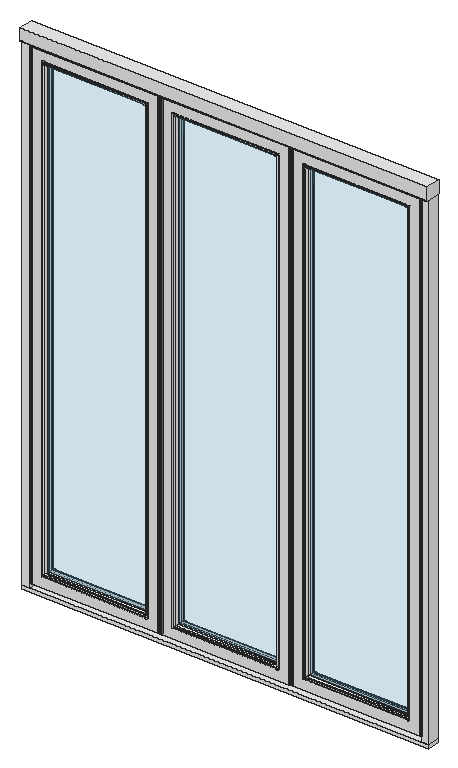
Revit family "98131", category Windows, host Wall, Revit 2018 (continued)
Definition of nested family "Left-Jamb_WA-67"
  Definition of nested family "Left-Jamb_Nana_Walls-WD-67"
    Lines and regions (in)
      model lines, in view "Ref. Level", visible <- "Half Peice"
        curve 306: line (5.19599, -0.37884, 0) -> (5.16226, -0.36955, 0)
        curve 307: line (5.19611, -0.53, 0) -> (5.20468, -0.53, 0)
        curve 308: line (5.29603, -0.52212, 0) -> (5.29603, -0.49878, 0)
        curve 309: line (5.29603, -0.49878, 0) -> (5.33085, -0.52814, 0)
        curve 310: line (5.24825, -0.52212, 0) -> (5.24825, -0.49878, 0)
        curve 311: line (5.24825, -0.49878, 0) -> (5.28308, -0.52814, 0)
        curve 312: line (5.26193, -0.3531, 0) -> (5.24501, -0.37895, 0)
        curve 313: line (5.37013, -0.3531, 0) -> (5.27186, -0.37965, 0)
        curve 314: line (5.27186, -0.37965, 0) -> (5.27186, -0.36071, 0)
        curve 315: line (5.41087, -0.55641, 0) -> (5.40754, -0.56555, 0)
        curve 316: line (5.39543, -0.53024, 0) -> (5.3438, -0.52212, 0)
        curve 317: line (5.34646, 0.86764, 0) -> (5.31496, 0.86764, 0)
        curve 318: line (5.31496, 0.86764, 0) -> (5.31496, 0.82827, 0)
        curve 319: line (5.31496, 0.82827, 0) -> (5.31496, 0.86764, 0)
        curve 320: line (5.35249, 0.88058, 0) -> (5.31969, 0.91966, 0)
        curve 321: line (5.47244, 0.69048, 0) -> (5.47244, 0.72372, 0)
        curve 322: line (5.40503, 0.82827, 0) -> (5.31496, 0.82827, 0)
        curve 323: line (5.33729, 0.67079, 0) -> (5.45276, 0.67079, 0)
        curve 324: line (5.20761, 0.87748, 0) -> (5.18488, 0.91685, 0)
        curve 325: line (5.12598, 0.86764, 0) -> (5.15748, 0.86764, 0)
        curve 326: line (5.24778, 0.86764, 0) -> (5.22466, 0.86764, 0)
        curve 327: line (5.15275, 0.91966, 0) -> (5.11995, 0.88058, 0)
        curve 328: line (5.28756, 0.91685, 0) -> (5.26483, 0.87748, 0)
        curve 329: line (5.15748, 0.82827, 0) -> (5.15748, 0.86764, 0)
        curve 330: line (5.15748, 0.86764, 0) -> (5.15748, 0.82827, 0)
        curve 331: line (5.15748, 0.82827, 0) -> (5.11811, 0.82827, 0)
        curve 332: line (5.11811, 0.82827, 0) -> (5.11811, 0.80859, 0)
        curve 333: line (5.1378, 0.7889, 0) -> (5.25764, 0.7889, 0)
        curve 334: line (1.87008, 1.24815, 0) -> (1.87008, 0.90381, 0)
        curve 335: line (1.87008, 0.90381, 0) -> (1.95868, 0.83712, 0)
        curve 336: line (1.83071, 0.56449, 0) -> (1.83071, 1.00544, 0)
        curve 337: line (1.95868, 0.83712, 0) -> (2.05512, 0.9105, 0)
        curve 338: line (2.05512, 0.9105, 0) -> (2.05512, 1.25485, 0)
        curve 339: line (2.08661, 0.56449, 0) -> (2.08661, 1.2889, 0)
        curve 340: line (2.08661, 1.2889, 0) -> (2.08661, 0.56449, 0)
        curve 341: line (1.95356, 0.81022, 0) -> (1.87008, 0.87281, 0)
        curve 342: line (1.87008, 0.87281, 0) -> (1.87008, 0.59205, 0)
        curve 343: line (1.87008, 0.59205, 0) -> (2.05512, 0.59205, 0)
        curve 344: line (2.0748, 0.55268, 0) -> (1.84252, 0.55268, 0)
        curve 345: line (2.05512, 0.59205, 0) -> (2.05512, 0.8795, 0)
        curve 346: line (2.05512, 0.8795, 0) -> (1.96376, 0.81022, 0)
        curve 347: line (1.85804, 1.2979, 0) -> (1.95866, 1.22096, 0)
        curve 348: line (1.95356, 1.19407, 0) -> (1.87657, 1.25115, 0)
        curve 349: line (2.06693, 1.30071, 0) -> (2.0748, 1.30071, 0)
        curve 350: line (1.95866, 1.22096, 0) -> (2.05928, 1.2979, 0)
        curve 351: line (2.04863, 1.25785, 0) -> (1.96376, 1.19407, 0)
        curve 352: line (1.74721, 1.22488, 0) -> (1.68453, 1.13675, 0)
        curve 353: line (1.78543, 1.0399, 0) -> (1.81102, 1.02512, 0)
        curve 354: line (1.74118, 1.14848, 0) -> (1.71645, 1.1137, 0)
        curve 355: line (1.71645, 1.1137, 0) -> (1.74118, 1.07893, 0)
        curve 356: line (1.68453, 1.09066, 0) -> (1.74721, 1.00253, 0)
        curve 357: line (1.79329, 1.14217, 0) -> (1.75395, 1.15302, 0)
        curve 358: line (1.76794, 1.00533, 0) -> (1.77976, 1.03783, 0)
        curve 359: line (1.75395, 1.07439, 0) -> (1.79329, 1.08524, 0)
        curve 360: line (1.81102, 1.20229, 0) -> (1.78543, 1.18751, 0)
        curve 361: line (1.84252, 1.30071, 0) -> (1.85039, 1.30071, 0)
        curve 362: line (1.77976, 1.18958, 0) -> (1.76794, 1.22207, 0)
        curve 364: line (2.30315, 1.24815, 0) -> (2.30315, 0.90381, 0)
        curve 365: line (2.30315, 0.90381, 0) -> (2.21455, 0.83712, 0)
        curve 366: line (2.34252, 0.56449, 0) -> (2.34252, 1.00544, 0)
        curve 367: line (2.21455, 0.83712, 0) -> (2.11811, 0.9105, 0)
        curve 368: line (2.11811, 0.9105, 0) -> (2.11811, 1.25485, 0)
        curve 369: line (2.21967, 0.81022, 0) -> (2.30315, 0.87281, 0)
        curve 370: line (2.30315, 0.87281, 0) -> (2.30315, 0.59205, 0)
        curve 371: line (2.30315, 0.59205, 0) -> (2.11811, 0.59205, 0)
        curve 372: line (2.09843, 0.55268, 0) -> (2.33071, 0.55268, 0)
        curve 373: line (2.11811, 0.59205, 0) -> (2.11811, 0.8795, 0)
        curve 374: line (2.11811, 0.8795, 0) -> (2.20947, 0.81022, 0)
        curve 375: line (2.31519, 1.2979, 0) -> (2.21457, 1.22096, 0)
        curve 376: line (2.21967, 1.19407, 0) -> (2.29666, 1.25115, 0)
        curve 377: line (2.1063, 1.30071, 0) -> (2.09843, 1.30071, 0)
        curve 378: line (2.21457, 1.22096, 0) -> (2.11395, 1.2979, 0)
        curve 379: line (2.1246, 1.25785, 0) -> (2.20947, 1.19407, 0)
        curve 380: line (2.42602, 1.22488, 0) -> (2.4887, 1.13675, 0)
        curve 381: line (2.3878, 1.0399, 0) -> (2.3622, 1.02512, 0)
        curve 382: line (2.43204, 1.14848, 0) -> (2.45678, 1.1137, 0)
        curve 383: line (2.45678, 1.1137, 0) -> (2.43204, 1.07893, 0)
        curve 384: line (2.4887, 1.09066, 0) -> (2.42602, 1.00253, 0)
        curve 385: line (2.37994, 1.14217, 0) -> (2.41928, 1.15302, 0)
        curve 386: line (2.40529, 1.00533, 0) -> (2.39346, 1.03783, 0)
        curve 387: line (2.41928, 1.07439, 0) -> (2.37994, 1.08524, 0)
        curve 388: line (2.3622, 1.20229, 0) -> (2.3878, 1.18751, 0)
        curve 389: line (2.33071, 1.30071, 0) -> (2.32283, 1.30071, 0)
        curve 390: line (2.39346, 1.18958, 0) -> (2.40529, 1.22207, 0)
        curve 391: line (2.34252, 1.2889, 0) -> (2.34252, 1.22197, 0)
        curve 392: line (2.44094, -0.59447, 0) -> (2.34252, -0.60308, 0)
        curve 393: line (1.75494, -0.79436, 0) -> (1.83071, -0.82527, 0)
        curve 394: line (1.83071, -0.82527, 0) -> (1.83071, -1.04181, 0)
        curve 395: line (1.82014, -0.72141, 0) -> (1.7947, -0.73067, 0)
        curve 396: line (1.7947, -0.73067, 0) -> (1.69257, -0.73067, 0)
        curve 397: line (1.69257, -0.73067, 0) -> (1.68019, -0.74032, 0)
        curve 398: line (1.83071, -0.58905, 0) -> (1.83071, -0.67567, 0)
        curve 399: line (1.83071, -0.67567, 0) -> (1.73498, -0.71051, 0)
        curve 400: line (1.71258, -0.77282, 0) -> (1.72549, -0.76228, 0)
        curve 401: line (1.72549, -0.76228, 0) -> (1.78053, -0.76228, 0)
        curve 402: line (1.78053, -0.76228, 0) -> (1.81986, -0.77832, 0)
        curve 403: line (1.63254, -0.7524, 0) -> (1.70735, -0.81933, 0)
        curve 404: line (1.67978, -0.7524, 0) -> (1.70235, -0.77259, 0)
        curve 405: line (1.70869, -0.68127, 0) -> (1.63295, -0.74032, 0)
        curve 406: line (1.72453, -0.70448, 0) -> (1.72129, -0.68611, 0)
        curve 407: line (1.71758, -0.81956, 0) -> (1.74699, -0.79555, 0)
        curve 408: line (1.83071, -0.77103, 0) -> (1.83071, -0.72881, 0)
        curve 409: line (2.08661, -0.58905, 0) -> (2.08661, -1.04181, 0)
        curve 410: line (2.08661, -1.04181, 0) -> (2.08661, -0.58905, 0)
        curve 411: line (2.05118, -0.58511, 0) -> (2.05118, -0.82854, 0)
        curve 412: line (2.05118, -0.82854, 0) -> (1.95866, -0.74913, 0)
        curve 413: line (1.95866, -0.74913, 0) -> (1.86614, -0.82854, 0)
        curve 414: line (1.86614, -0.82854, 0) -> (1.86614, -0.58511, 0)
        curve 415: line (2.04724, -0.54968, 0) -> (1.87008, -0.54968, 0)
        curve 416: line (1.86614, -0.58511, 0) -> (2.05118, -0.58511, 0)
        curve 417: line (1.85039, -1.06149, 0) -> (1.86734, -1.06149, 0)
        curve 418: line (1.86734, -1.06149, 0) -> (1.95866, -0.98275, 0)
        curve 419: line (1.95866, -0.98275, 0) -> (2.04999, -1.06149, 0)
        curve 420: line (2.04999, -1.06149, 0) -> (2.06693, -1.06149, 0)
        curve 421: line (1.86614, -1.02606, 0) -> (1.86614, -0.86464, 0)
        curve 422: line (1.86614, -0.86464, 0) -> (1.95866, -0.78523, 0)
        curve 423: line (1.95866, -0.78523, 0) -> (2.05118, -0.86464, 0)
        curve 424: line (2.05118, -0.86464, 0) -> (2.05118, -1.02606, 0)
        curve 425: line (2.05118, -1.02606, 0) -> (1.95866, -0.94665, 0)
        curve 426: line (1.95866, -0.94665, 0) -> (1.86614, -1.02606, 0)
        curve 427: line (2.41829, -0.79436, 0) -> (2.34252, -0.82527, 0)
        curve 428: line (2.34252, -0.82527, 0) -> (2.34252, -1.04181, 0)
        curve 429: line (2.35309, -0.72141, 0) -> (2.37853, -0.73067, 0)
        curve 430: line (2.37853, -0.73067, 0) -> (2.48066, -0.73067, 0)
        curve 431: line (2.48066, -0.73067, 0) -> (2.49304, -0.74032, 0)
        curve 432: line (2.34252, -0.58905, 0) -> (2.34252, -0.67567, 0)
        curve 433: line (2.34252, -0.67567, 0) -> (2.43825, -0.71051, 0)
        curve 434: line (2.46065, -0.77282, 0) -> (2.44774, -0.76228, 0)
        curve 435: line (2.44774, -0.76228, 0) -> (2.39269, -0.76228, 0)
        curve 436: line (2.39269, -0.76228, 0) -> (2.35337, -0.77832, 0)
        curve 437: line (2.54068, -0.7524, 0) -> (2.46588, -0.81933, 0)
        curve 438: line (2.49345, -0.7524, 0) -> (2.47088, -0.77259, 0)
        curve 439: line (2.46453, -0.68127, 0) -> (2.54027, -0.74032, 0)
        curve 440: line (2.4487, -0.70448, 0) -> (2.45194, -0.68611, 0)
        curve 441: line (2.45565, -0.81956, 0) -> (2.42624, -0.79555, 0)
        curve 442: line (2.34252, -0.77103, 0) -> (2.34252, -0.72881, 0)
        curve 443: line (2.12205, -0.58511, 0) -> (2.12205, -0.82854, 0)
        curve 444: line (2.12205, -0.82854, 0) -> (2.21457, -0.74913, 0)
        curve 445: line (2.21457, -0.74913, 0) -> (2.30709, -0.82854, 0)
        curve 446: line (2.30709, -0.82854, 0) -> (2.30709, -0.58511, 0)
        curve 447: line (2.12598, -0.54968, 0) -> (2.30315, -0.54968, 0)
        curve 448: line (2.30709, -0.58511, 0) -> (2.12205, -0.58511, 0)
        curve 449: line (2.32283, -1.06149, 0) -> (2.30589, -1.06149, 0)
        curve 450: line (2.30589, -1.06149, 0) -> (2.21457, -0.98275, 0)
        curve 451: line (2.21457, -0.98275, 0) -> (2.12324, -1.06149, 0)
        curve 452: line (2.12324, -1.06149, 0) -> (2.1063, -1.06149, 0)
        curve 453: line (2.30709, -1.02606, 0) -> (2.30709, -0.86464, 0)
        curve 454: line (2.30709, -0.86464, 0) -> (2.21457, -0.78523, 0)
        curve 455: line (2.21457, -0.78523, 0) -> (2.12205, -0.86464, 0)
        curve 456: line (2.12205, -0.86464, 0) -> (2.12205, -1.02606, 0)
        curve 457: line (2.12205, -1.02606, 0) -> (2.21457, -0.94665, 0)
        curve 458: line (2.21457, -0.94665, 0) -> (2.30709, -1.02606, 0)
        curve 459: line (4.70472, 1.22197, 0) -> (4.90157, 1.22197, 0)
        curve 460: line (3.27756, -1.29921, 0) -> (2.34252, -1.29921, 0)
        curve 461: line (2.34252, -1.29921, 0) -> (2.34252, -1.05315, 0)
        curve 462: line (2.34252, 1.30071, 0) -> (4.70472, 1.30071, 0)
        curve 463: line (4.70472, 1.30071, 0) -> (4.70472, -1.29771, 0)
        curve 464: line (4.70472, -1.29771, 0) -> (2.34252, -1.29771, 0)
        curve 465: line (2.34252, -1.29771, 0) -> (2.34252, 1.30071, 0)
        curve 466: arc (2.55906, 0.20452, 0) -> (2.56805, 0.15932, 0) -> (2.59365, 0.12101, 0) r 0.11811
        curve 467: arc (2.59365, -0.11801, 0) -> (2.56805, -0.15632, 0) -> (2.55906, -0.20152, 0) r 0.11811
        curve 468: arc (2.3622, -0.60874, 0) -> (2.34829, -0.6145, 0) -> (2.34252, -0.62842, 0) r 0.01969
        curve 469: arc (2.34252, -0.65755, 0) -> (2.34608, -0.66885, 0) -> (2.35547, -0.67605, 0) r 0.01969
        curve 470: arc (2.35547, 0.67905, 0) -> (2.34608, 0.67184, 0) -> (2.34252, 0.66055, 0) r 0.01969
        curve 471: arc (2.34252, 0.63142, 0) -> (2.34829, 0.6175, 0) -> (2.3622, 0.61174, 0) r 0.01969
        curve 472: arc (2.77559, -0.80559, 0) -> (2.76406, -0.77775, 0) -> (2.73622, -0.76622, 0) r 0.03937
        curve 473: arc (2.61811, -0.76622, 0) -> (2.62964, -0.79406, 0) -> (2.65748, -0.80559, 0) r 0.03937
        curve 474: arc (2.81496, -0.66779, 0) -> (2.80343, -0.63995, 0) -> (2.77559, -0.62842, 0) r 0.03937
        curve 475: arc (2.64042, -0.10766, 0) -> (2.62596, -0.09717, 0) -> (2.60896, -0.10269, 0) r 0.01969
        curve 476: arc (2.65692, -0.24895, 0) -> (2.72651, -0.29066, 0) -> (2.80438, -0.31346, 0) r 0.3189
        curve 477: arc (2.64042, -0.10766, 0) -> (2.68869, -0.1724, 0) -> (2.75569, -0.21747, 0) r 0.24016
        curve 478: arc (2.65692, -0.24895, 0) -> (2.64445, -0.2476, 0) -> (2.6378, -0.25822, 0) r 0.01181
        curve 479: arc (2.81496, -0.31346, 0) -> (2.8428, -0.30193, 0) -> (2.85433, -0.27409, 0) r 0.03937
        curve 480: arc (2.75569, -0.21747, 0) -> (2.77446, -0.21605, 0) -> (2.78346, -0.19952, 0) r 0.01969
        curve 481: arc (2.75569, 0.22047, 0) -> (2.68869, 0.17539, 0) -> (2.64042, 0.11066, 0) r 0.24016
        curve 482: arc (2.80438, 0.31646, 0) -> (2.72651, 0.29366, 0) -> (2.65692, 0.25195, 0) r 0.3189
        curve 483: arc (2.60896, 0.10569, 0) -> (2.62596, 0.10017, 0) -> (2.64042, 0.11066, 0) r 0.01969
        curve 484: arc (2.6378, 0.26122, 0) -> (2.64445, 0.2506, 0) -> (2.65692, 0.25195, 0) r 0.01181
        curve 485: arc (2.85433, 0.27709, 0) -> (2.8428, 0.30493, 0) -> (2.81496, 0.31646, 0) r 0.03937
        curve 486: arc (2.78346, 0.20252, 0) -> (2.77446, 0.21905, 0) -> (2.75569, 0.22047, 0) r 0.01969
        curve 487: arc (2.73622, 0.76922, 0) -> (2.76406, 0.78075, 0) -> (2.77559, 0.80859, 0) r 0.03937
        curve 488: arc (2.65748, 0.80859, 0) -> (2.62964, 0.79706, 0) -> (2.61811, 0.76922, 0) r 0.03937
        curve 489: arc (2.77559, 0.63142, 0) -> (2.80343, 0.64295, 0) -> (2.81496, 0.67079, 0) r 0.03937
        curve 490: arc (2.3622, 1.02512, 0) -> (2.34829, 1.01936, 0) -> (2.34252, 1.00544, 0) r 0.01969
        curve 491: arc (2.34252, 1.22197, 0) -> (2.34829, 1.20805, 0) -> (2.3622, 1.20229, 0) r 0.01969
        curve 492: arc (2.5315, 1.24166, 0) -> (2.52573, 1.25558, 0) -> (2.51181, 1.26134, 0) r 0.01969
        curve 493: arc (2.45276, 1.21607, 0) -> (2.46668, 1.22183, 0) -> (2.47244, 1.23575, 0) r 0.01969
        curve 494: arc (2.5315, 0.9267, 0) -> (2.57882, 0.9463, 0) -> (2.59843, 0.99363, 0) r 0.06693
        curve 495: arc (2.51181, 0.96607, 0) -> (2.52573, 0.97183, 0) -> (2.5315, 0.98575, 0) r 0.01969
        curve 496: arc (2.47244, 0.99166, 0) -> (2.46668, 1.00558, 0) -> (2.45276, 1.01134, 0) r 0.01969
        curve 497: arc (2.85433, 1.16292, 0) -> (2.87163, 1.12116, 0) -> (2.91339, 1.10386, 0) r 0.05906
        curve 498: arc (4.70472, 1.12355, 0) -> (4.69896, 1.13747, 0) -> (4.68504, 1.14323, 0) r 0.01969
        curve 499: arc (4.66535, 1.04481, 0) -> (4.68504, 1.02512, 0) -> (4.70472, 1.04481, 0) r 0.01969
        curve 500: arc (4.43701, 0.90701, 0) -> (4.40917, 0.89548, 0) -> (4.39764, 0.86764, 0) r 0.03937
        curve 501: arc (4.39764, 0.76968, 0) -> (4.41257, 0.75022, 0) -> (4.43523, 0.7596, 0) r 0.02015
        curve 502: arc (4.70472, 0.31646, 0) -> (4.68743, 0.35822, 0) -> (4.64567, 0.37552, 0) r 0.05906
        curve 503: arc (4.51575, 0.25741, 0) -> (4.53543, 0.23772, 0) -> (4.55512, 0.25741, 0) r 0.01969
        curve 504: arc (3.83071, 1.10386, 0) -> (3.87247, 1.12116, 0) -> (3.88976, 1.16292, 0) r 0.05906
        curve 505: arc (5.06693, 0.87945, 0) -> (5.08192, 0.84326, 0) -> (5.11811, 0.82827, 0) r 0.05118
        curve 506: arc (5.12598, 1.00544, 0) -> (5.08423, 0.98814, 0) -> (5.06693, 0.94638, 0) r 0.05906
        curve 507: arc (5.34252, 1.02512, 0) -> (5.28256, 1.16988, 0) -> (5.1378, 1.22985, 0) r 0.20472
        curve 508: arc (5.41339, 1.02512, 0) -> (5.33267, 1.21999, 0) -> (5.1378, 1.30071, 0) r 0.27559
        curve 509: arc (5.33465, 1.00544, 0) -> (5.34021, 1.00774, 0) -> (5.34252, 1.01331, 0) r 0.00787
        curve 510: arc (5.01181, 1.10386, 0) -> (5.05357, 1.12116, 0) -> (5.07087, 1.16292, 0) r 0.05906
        curve 511: arc (2.34252, -1.19929, 0) -> (2.37135, -1.26888, 0) -> (2.44094, -1.29771, 0) r 0.09843
        curve 512: arc (2.42126, -0.82527, 0) -> (2.36558, -0.84833, 0) -> (2.34252, -0.90401, 0) r 0.07874
        curve 513: arc (3.0315, 0.9267, 0) -> (2.9619, 0.89787, 0) -> (2.93307, 0.82827, 0) r 0.09843
        curve 514: arc (4.62598, -1.29771, 0) -> (4.68166, -1.27465, 0) -> (4.70472, -1.21897, 0) r 0.07874
        curve 515: arc (4.62598, -1.29771, 0) -> (4.68166, -1.27465, 0) -> (4.70472, -1.21897, 0) r 0.07874
        curve 516: arc (4.70472, -1.01896, 0) -> (4.70012, -1.0063, 0) -> (4.68846, -0.99957, 0) r 0.01969
        curve 517: arc (4.6063, -0.96856, 0) -> (4.6109, -0.98122, 0) -> (4.62257, -0.98795, 0) r 0.01969
        curve 518: arc (4.68846, -0.82814, 0) -> (4.70012, -0.82141, 0) -> (4.70472, -0.80875, 0) r 0.01969
        curve 519: arc (4.62257, -0.83976, 0) -> (4.6109, -0.84649, 0) -> (4.6063, -0.85914, 0) r 0.01969
        curve 562: line (2.61811, -0.76622, 0) -> (2.61811, -0.66779, 0)
        curve 563: line (2.61811, -0.66779, 0) -> (2.44094, -0.66779, 0)
        curve 564: line (2.44094, -0.66779, 0) -> (2.44094, -0.70716, 0)
        curve 565: line (2.44094, -0.70716, 0) -> (2.35547, -0.67605, 0)
        curve 566: line (2.34252, -0.65755, 0) -> (2.34252, -0.62842, 0)
        curve 567: line (2.3622, -0.60874, 0) -> (2.55906, -0.60874, 0)
        curve 568: line (2.55906, -0.60874, 0) -> (2.55906, -0.45203, 0)
        curve 569: line (2.55906, -0.45203, 0) -> (2.57087, -0.43157, 0)
        curve 570: line (2.57087, -0.43157, 0) -> (2.55906, -0.41111, 0)
        curve 571: line (2.55906, -0.41111, 0) -> (2.55906, -0.20152, 0)
        curve 572: line (2.35547, 0.67905, 0) -> (2.44094, 0.71016, 0)
        curve 573: line (2.44094, 0.71016, 0) -> (2.44094, 0.67079, 0)
        curve 574: line (2.44094, 0.67079, 0) -> (2.61811, 0.67079, 0)
        curve 575: line (2.61811, 0.67079, 0) -> (2.61811, 0.76922, 0)
        curve 576: line (2.55906, 0.20452, 0) -> (2.55906, 0.41411, 0)
        curve 577: line (2.55906, 0.41411, 0) -> (2.57087, 0.43457, 0)
        curve 578: line (2.57087, 0.43457, 0) -> (2.55906, 0.45503, 0)
        curve 579: line (2.55906, 0.45503, 0) -> (2.55906, 0.61174, 0)
        curve 580: line (2.55906, 0.61174, 0) -> (2.3622, 0.61174, 0)
        curve 581: line (2.34252, 0.63142, 0) -> (2.34252, 0.66055, 0)
        curve 582: line (2.6378, -0.25822, 0) -> (2.6378, -0.62842, 0)
        curve 583: line (2.6378, -0.62842, 0) -> (2.77559, -0.62842, 0)
        curve 584: line (2.77559, -0.80559, 0) -> (2.65748, -0.80559, 0)
        curve 585: line (2.81496, -0.66779, 0) -> (2.65748, -0.66779, 0)
        curve 586: line (2.65748, -0.66779, 0) -> (2.65748, -0.76622, 0)
        curve 587: line (2.65748, -0.76622, 0) -> (2.73622, -0.76622, 0)
        curve 588: line (2.77559, 0.63142, 0) -> (2.6378, 0.63142, 0)
        curve 589: line (2.6378, 0.63142, 0) -> (2.6378, 0.26122, 0)
        curve 590: line (2.78346, -0.19952, 0) -> (2.78346, 0.20252, 0)
        curve 591: line (2.85433, 0.27709, 0) -> (2.85433, -0.27409, 0)
        curve 592: line (2.59365, -0.11801, 0) -> (2.60896, -0.10269, 0)
        curve 593: line (2.81496, -0.31346, 0) -> (2.80438, -0.31346, 0)
        curve 594: line (2.60896, 0.10569, 0) -> (2.59365, 0.12101, 0)
        curve 595: line (2.80438, 0.31646, 0) -> (2.81496, 0.31646, 0)
        curve 596: line (2.65748, 0.80859, 0) -> (2.77559, 0.80859, 0)
        curve 597: line (2.73622, 0.76922, 0) -> (2.65748, 0.76922, 0)
        curve 598: line (2.65748, 0.76922, 0) -> (2.65748, 0.67079, 0)
        curve 599: line (2.65748, 0.67079, 0) -> (2.81496, 0.67079, 0)
        curve 600: line (2.34252, 1.00544, 0) -> (2.34252, 0.9267, 0)
        curve 601: line (2.34252, 0.9267, 0) -> (2.5315, 0.9267, 0)
        curve 602: line (5.1378, 1.30071, 0) -> (2.34252, 1.30071, 0)
        curve 603: line (2.34252, 1.30071, 0) -> (2.34252, 1.22197, 0)
        curve 604: line (2.59843, 0.99363, 0) -> (2.59843, 1.22985, 0)
        curve 605: line (2.59843, 1.22985, 0) -> (2.85433, 1.22985, 0)
        curve 606: line (2.85433, 1.22985, 0) -> (2.85433, 1.16292, 0)
        curve 607: line (2.5315, 1.24166, 0) -> (2.5315, 0.98575, 0)
        curve 608: line (2.3622, 1.20229, 0) -> (2.38189, 1.20229, 0)
        curve 609: line (2.38189, 1.20229, 0) -> (2.38189, 1.26134, 0)
        curve 610: line (2.38189, 1.26134, 0) -> (2.43307, 1.26134, 0)
        curve 611: line (2.43307, 1.26134, 0) -> (2.43307, 1.21607, 0)
        curve 612: line (2.43307, 1.21607, 0) -> (2.45276, 1.21607, 0)
        curve 613: line (2.47244, 1.23575, 0) -> (2.47244, 1.26134, 0)
        curve 614: line (2.47244, 1.26134, 0) -> (2.51181, 1.26134, 0)
        curve 615: line (2.45276, 1.01134, 0) -> (2.43307, 1.01134, 0)
        curve 616: line (2.43307, 1.01134, 0) -> (2.43307, 0.96607, 0)
        curve 617: line (2.43307, 0.96607, 0) -> (2.38189, 0.96607, 0)
        curve 618: line (2.38189, 0.96607, 0) -> (2.38189, 1.02512, 0)
        curve 619: line (2.38189, 1.02512, 0) -> (2.3622, 1.02512, 0)
        curve 620: line (2.51181, 0.96607, 0) -> (2.47244, 0.96607, 0)
        curve 621: line (2.47244, 0.96607, 0) -> (2.47244, 0.99166, 0)
        curve 622: line (3.88976, 1.16292, 0) -> (3.88976, 1.22985, 0)
        curve 623: line (3.88976, 1.22985, 0) -> (4.51575, 1.22985, 0)
        curve 624: line (4.51575, 1.22985, 0) -> (4.51575, 0.90701, 0)
        curve 625: line (4.51575, 0.90701, 0) -> (4.43701, 0.90701, 0)
        curve 626: line (4.39764, 0.76968, 0) -> (4.39764, 0.86764, 0)
        curve 627: line (4.51575, 0.25741, 0) -> (4.51575, 0.86764, 0)
        curve 628: line (4.51575, 0.86764, 0) -> (4.43701, 0.86764, 0)
        curve 629: line (4.43701, 0.86764, 0) -> (4.43701, 0.80859, 0)
        curve 630: line (4.43701, 0.80859, 0) -> (4.45669, 0.80859, 0)
        curve 631: line (4.70472, 1.12355, 0) -> (4.70472, 1.04481, 0)
        curve 632: line (4.66535, 1.04481, 0) -> (4.66535, 1.10386, 0)
        curve 633: line (4.66535, 1.10386, 0) -> (4.58661, 1.10386, 0)
        curve 634: line (4.58661, 1.10386, 0) -> (4.58661, 0.57314, 0)
        curve 635: line (4.58661, 0.57314, 0) -> (4.5748, 0.55268, 0)
        curve 636: line (4.5748, 0.55268, 0) -> (4.58661, 0.53222, 0)
        curve 637: line (4.58661, 0.53222, 0) -> (4.58661, 0.37552, 0)
        curve 638: line (4.46063, 0.80359, 0) -> (4.43523, 0.7596, 0)
        curve 639: line (4.58661, 0.37552, 0) -> (4.64567, 0.37552, 0)
        curve 640: line (4.70472, 0.31646, 0) -> (4.70472, 0.23772, 0)
        curve 641: line (4.70472, 0.23772, 0) -> (4.64567, 0.23772, 0)
        curve 642: line (4.64567, 0.23772, 0) -> (4.64567, 0.31646, 0)
        curve 643: line (4.64567, 0.31646, 0) -> (4.55512, 0.31646, 0)
        curve 644: line (4.55512, 0.31646, 0) -> (4.55512, 0.25741, 0)
        curve 645: line (3.83071, 1.10386, 0) -> (3.7126, 1.10386, 0)
        curve 646: line (3.7126, 1.10386, 0) -> (3.7126, 1.14323, 0)
        curve 647: line (3.7126, 1.14323, 0) -> (3.83071, 1.14323, 0)
        curve 648: line (3.83071, 1.14323, 0) -> (3.83071, 1.22985, 0)
        curve 649: line (3.83071, 1.22985, 0) -> (2.91339, 1.22985, 0)
        curve 650: line (2.91339, 1.22985, 0) -> (2.91339, 1.14323, 0)
        curve 651: line (2.91339, 1.14323, 0) -> (3.0315, 1.14323, 0)
        curve 652: line (3.0315, 1.14323, 0) -> (3.0315, 1.10386, 0)
        curve 653: line (3.0315, 1.10386, 0) -> (2.91339, 1.10386, 0)
        curve 654: line (5.11811, 0.82827, 0) -> (5.15748, 0.82827, 0)
        curve 655: line (5.15748, 0.82827, 0) -> (5.15748, 0.86764, 0)
        curve 656: line (5.15748, 0.86764, 0) -> (5.15748, 0.82827, 0)
        curve 657: line (5.15748, 0.82827, 0) -> (5.11811, 0.82827, 0)
        curve 658: line (5.40503, 0.82827, 0) -> (5.31496, 0.82827, 0)
        curve 659: line (5.31496, 0.82827, 0) -> (5.41339, 0.82827, 0)
        curve 660: line (5.41339, 0.82827, 0) -> (5.41339, 1.02512, 0)
        curve 661: line (5.07087, 1.16292, 0) -> (5.07087, 1.22985, 0)
        curve 662: line (5.07087, 1.22985, 0) -> (5.1378, 1.22985, 0)
        curve 663: line (5.34252, 1.02512, 0) -> (5.34252, 1.01331, 0)
        curve 664: line (5.33465, 1.00544, 0) -> (5.12598, 1.00544, 0)
        curve 665: line (5.12598, 0.86764, 0) -> (5.15748, 0.86764, 0)
        curve 666: line (5.15748, 0.86764, 0) -> (5.11811, 0.86764, 0)
        curve 667: line (5.11811, 0.86764, 0) -> (5.11811, 0.94638, 0)
        curve 668: line (5.11811, 0.94638, 0) -> (5.35433, 0.94638, 0)
        curve 669: line (5.35433, 0.94638, 0) -> (5.35433, 0.86764, 0)
        curve 670: line (5.35433, 0.86764, 0) -> (5.31496, 0.86764, 0)
        curve 671: line (5.31496, 0.86764, 0) -> (5.31496, 0.82827, 0)
        curve 672: line (5.31496, 0.82827, 0) -> (5.31496, 0.86764, 0)
        curve 673: line (5.31496, 0.86764, 0) -> (5.34646, 0.86764, 0)
        curve 674: line (5.01181, 1.10386, 0) -> (4.93307, 1.10386, 0)
        curve 675: line (4.93307, 1.10386, 0) -> (4.93307, 1.14323, 0)
        curve 676: line (4.93307, 1.14323, 0) -> (5.01181, 1.14323, 0)
        curve 677: line (5.01181, 1.14323, 0) -> (5.01181, 1.22985, 0)
        curve 678: line (5.01181, 1.22985, 0) -> (4.6063, 1.22985, 0)
        curve 679: line (4.6063, 1.22985, 0) -> (4.6063, 1.14323, 0)
        curve 680: line (4.6063, 1.14323, 0) -> (4.68504, 1.14323, 0)
        curve 681: line (5.06693, 0.94638, 0) -> (5.06693, 0.87945, 0)
        curve 682: line (2.44094, -1.29771, 0) -> (4.62598, -1.29771, 0)
        curve 683: line (2.34252, -0.90401, 0) -> (2.34252, -1.19929, 0)
        curve 684: line (2.42126, -0.82527, 0) -> (2.8937, -0.82527, 0)
        curve 685: line (2.8937, -0.82527, 0) -> (2.8937, -0.62842, 0)
        curve 686: line (2.8937, -0.62842, 0) -> (2.6378, -0.62842, 0)
        curve 687: line (2.6378, -0.62842, 0) -> (2.6378, -0.31346, 0)
        curve 688: line (2.6378, -0.31346, 0) -> (2.8937, -0.31346, 0)
        curve 689: line (2.8937, -0.31346, 0) -> (2.8937, 0.31646, 0)
        curve 690: line (2.8937, 0.31646, 0) -> (2.6378, 0.31646, 0)
        curve 691: line (2.6378, 0.31646, 0) -> (2.6378, 0.63142, 0)
        curve 692: line (2.6378, 0.63142, 0) -> (2.93307, 0.63142, 0)
        curve 693: line (2.93307, 0.63142, 0) -> (2.93307, 0.82827, 0)
        curve 694: line (3.0315, 0.9267, 0) -> (4.11295, 0.9267, 0)
        curve 695: line (4.11295, 0.9267, 0) -> (4.23228, 0.67079, 0)
        curve 696: line (4.23228, 0.67079, 0) -> (4.23228, 0.33922, 0)
        curve 697: line (4.23228, 0.33922, 0) -> (4.38976, 0.0015, 0)
        curve 698: line (4.38976, 0.0015, 0) -> (4.70472, 0.0015, 0)
        curve 699: line (4.70472, 0.0015, 0) -> (4.70472, -0.80875, 0)
        curve 700: line (4.6063, -0.85914, 0) -> (4.6063, -0.96856, 0)
        curve 701: line (4.6063, -0.96856, 0) -> (4.6063, -0.85914, 0)
        curve 702: line (4.68846, -0.99957, 0) -> (4.62257, -0.98795, 0)
        curve 703: line (4.70472, -1.05811, 0) -> (4.70472, -1.01896, 0)
        curve 704: line (4.70472, -1.01896, 0) -> (4.70472, -1.21897, 0)
        curve 705: line (4.68846, -0.82814, 0) -> (4.62257, -0.83976, 0)
        curve 799: line (4.70472, -0.37252, 0) -> (4.70472, -1.27803, 0)
        curve 800: line (4.70472, -1.27803, 0) -> (5.06245, -1.27803, 0)
        curve 801: arc (5.06245, -1.27803, 0) -> (5.21429, -1.22276, 0) -> (5.29508, -1.08283, 0) r 0.23622
        curve 802: line (5.29508, -1.08283, 0) -> (5.41339, -0.53, 0)
        curve 803: line (5.41339, -0.53, 0) -> (5.09843, -0.53, 0)
        curve 804: line (5.09843, -0.53, 0) -> (5.09843, -0.37252, 0)
        curve 805: line (5.09843, -0.37252, 0) -> (4.70472, -0.37252, 0)
        curve 806: line (4.70472, -0.37252, 0) -> (4.70472, -1.19929, 0)
        curve 807: line (4.78346, -1.27803, 0) -> (5.06245, -1.27803, 0)
        curve 808: arc (4.70472, -1.19929, 0) -> (4.72779, -1.25497, 0) -> (4.78346, -1.27803, 0) r 0.07874
Definition of nested family "Right-Jamb_WA-67"
  Parameters
    Width = 5' - 0"
    Left Jamb = none
    Height = 9' - 7 1/16"
    Half = yes
    Assembly Code = ""
  Reference planes (in)
    plane 1 "Center (Front/Back)": y = 0
    plane 2: z = 0
    plane 3 "Center (Left/Right)": x = -7.30207
    plane 4 "Top": z = 115.0625
  Forms (in)
    Sweep 1, solid, material <- "Left Jamb"
      path origin (-7.30207, 0, 0) x (0, 1, 0) y (0, 0, -1)
        loop
          line (0, -115.0625) -> (0, 0)
      profile "Profile_Right-Jamb_WA-67 : Profile_Right-Jamb_WA-67" origin (-7.30207, 0, 57.53125) x (0, -1, 0) y (-1, 0, 0)
        loop
          line (-1.29921, 0) -> (-1.29921, -1.77165) -> (1.29921, -1.77165) -> (1.29921, 0) -> (-1.29921, 0)
  Lines and regions (in)
    Masking region 1
      outline origin (0, 0, 0) x (1, 0, 0) y (0, 1, 0)
        loop
          line (-7.30207, 1.29921) -> (-7.30207, -1.29921) -> (-5.53042, -1.29921) -> (-5.53042, 1.29921) -> (-7.30207, 1.29921)
  Dimensions and locks (in)
    "Height": plane 4 "Top" to level
    plane 4 "Top" to level = 9' - 7 1/16"
    aligned and locked: Sweep 1 sketch curve to level
    aligned and locked: plane 3 "Center (Left/Right)" to nested 1
    aligned and locked: nested 1 to plane 1 "Center (Front/Back)"
    aligned and locked: Masking region 1 sketch curve to plane 3 "Center (Left/Right)"
  Automatic sketch dimensions
    Sweep 1 sketch curve to plane 4 "Top" = 0' - 0"
    plane 1 "Center (Front/Back)" to Sweep 1 sketch curve = 0' - 0"
    plane 1 "Center (Front/Back)" to Masking region 1 sketch curve = 0' - 1.29921"
    Masking region 1 sketch curve to plane 1 "Center (Front/Back)" = 0' - 1.29921"
    Masking region 1 sketch curve to Masking region 1 sketch curve = 0' - 1.77165"
  Nested families (in)
    nested 1: "Right-Jamb_Nana_Walls-WD-67" at (-7.24301, 0, 0) x (-1, 0, 0) z (0, 0, 1), half <- "Half", type "Right-Jamb_Nana_Walls-WD-67", detail levels fine
  Definition of nested family "Right-Jamb_Nana_Walls-WD-67"
    Parameters
      half [instance] = yes
      SmartBIM Object Version = 1  # constant formula
      SmartBIM Object Created By = "Reed Construction Data"  # constant formula
      Assembly Code = ""
      95 CSI = ""
      04 CSI = ""
    Reference planes (in)
      plane 1 "Center (Front/Back)": y = 0
      plane 2: z = 0
      plane 3 "Center (Left/Right)": x = 0.05906
    Lines and regions (in)
      model lines, in view "Ref. Level", visible <- "half"
        curve 1: line (-1.61417, -0.59447, 0) -> (-1.7126, -0.60308, 0)
        curve 2: line (-1.88976, -0.47171, 0) -> (-1.87795, -0.45126, 0)
        curve 3: line (-2.04724, -0.47171, 0) -> (-2.05906, -0.45126, 0)
        curve 4: arc (-1.61417, -0.28035, 0) -> (-1.55504, -0.18299, 0) -> (-1.52208, -0.07396, 0) r 0.45276
        curve 5: arc (-1.73228, -0.20683, 0) -> (-1.66197, 0.07387, 0) -> (-1.85039, 0.29348, 0) r 0.31496
        curve 6: arc (-1.42716, -0.06599, 0) -> (-1.39377, -0.13473, 0) -> (-1.34017, -0.18922, 0) r 0.23622
        curve 7: arc (-1.34017, -0.18922, 0) -> (-1.32042, -0.19125, 0) -> (-1.30895, -0.17504, 0) r 0.01969
        curve 8: arc (-1.34017, 0.19221, 0) -> (-1.39377, 0.13773, 0) -> (-1.42716, 0.06899, 0) r 0.23622
        curve 9: arc (-1.29921, 0.06679, 0) -> (-1.3189, 0.0015, 0) -> (-1.29921, -0.06379, 0) r 0.11811
        curve 10: arc (-1.30895, 0.17804, 0) -> (-1.32042, 0.19425, 0) -> (-1.34017, 0.19221, 0) r 0.01969
        curve 11: arc (-1.52208, 0.07696, 0) -> (-1.54196, 0.15332, 0) -> (-1.5748, 0.22508, 0) r 0.45276
        curve 12: arc (-1.50267, -0.05756, 0) -> (-1.51538, -0.06221, 0) -> (-1.52208, -0.07396, 0) r 0.01969
        curve 13: arc (-1.52208, 0.07696, 0) -> (-1.51538, 0.06521, 0) -> (-1.50267, 0.06055, 0) r 0.01969
        curve 14: arc (-1.42716, -0.06599, 0) -> (-1.43142, -0.0599, 0) -> (-1.43848, -0.05756, 0) r 0.01181
        curve 15: arc (-1.43848, 0.06055, 0) -> (-1.43142, 0.0629, 0) -> (-1.42716, 0.06899, 0) r 0.01181
        curve 16: arc (-1.81923, -0.29378, 0) -> (-1.75775, -0.26831, 0) -> (-1.73228, -0.20683, 0) r 0.08695
        curve 17: arc (-1.85039, -0.29378, 0) -> (-1.87823, -0.30531, 0) -> (-1.88976, -0.33315, 0) r 0.03937
        curve 18: arc (-1.60361, 0.5544, 0) -> (-1.61057, 0.56776, 0) -> (-1.62494, 0.57229, 0) r 0.01969
        curve 19: arc (-1.83242, 0.55414, 0) -> (-1.84522, 0.54783, 0) -> (-1.85039, 0.53453, 0) r 0.01969
        curve 20: arc (-2.59684, 0.19221, 0) -> (-2.61659, 0.19425, 0) -> (-2.62806, 0.17804, 0) r 0.01969
        curve 21: arc (-2.62806, -0.17504, 0) -> (-2.61659, -0.19125, 0) -> (-2.59684, -0.18922, 0) r 0.01969
        curve 22: arc (-2.08661, 0.29348, 0) -> (-2.27504, 0.07387, 0) -> (-2.20472, -0.20683, 0) r 0.31496
        curve 23: arc (-2.04724, -0.33315, 0) -> (-2.05878, -0.30531, 0) -> (-2.08661, -0.29378, 0) r 0.03937
        curve 24: arc (-2.20472, -0.20683, 0) -> (-2.17926, -0.26831, 0) -> (-2.11778, -0.29378, 0) r 0.08695
        curve 25: arc (-2.59684, -0.18922, 0) -> (-2.54324, -0.13473, 0) -> (-2.50985, -0.06599, 0) r 0.23622
        curve 26: arc (-2.41493, -0.07396, 0) -> (-2.38197, -0.18299, 0) -> (-2.32283, -0.28035, 0) r 0.45276
        curve 27: arc (-2.41493, -0.07396, 0) -> (-2.42163, -0.06221, 0) -> (-2.43434, -0.05756, 0) r 0.01969
        curve 28: arc (-2.43434, 0.06055, 0) -> (-2.42163, 0.06521, 0) -> (-2.41493, 0.07696, 0) r 0.01969
        curve 29: arc (-2.3622, 0.22508, 0) -> (-2.39504, 0.15332, 0) -> (-2.41493, 0.07696, 0) r 0.45276
        curve 30: arc (-2.50985, 0.06899, 0) -> (-2.54324, 0.13773, 0) -> (-2.59684, 0.19221, 0) r 0.23622
        curve 31: arc (-2.49853, -0.05756, 0) -> (-2.50559, -0.0599, 0) -> (-2.50985, -0.06599, 0) r 0.01181
        curve 32: arc (-2.50985, 0.06899, 0) -> (-2.50559, 0.0629, 0) -> (-2.49853, 0.06055, 0) r 0.01181
        curve 33: arc (-2.08661, 0.53453, 0) -> (-2.09179, 0.54783, 0) -> (-2.10458, 0.55414, 0) r 0.01969
        curve 34: arc (-2.31207, 0.57229, 0) -> (-2.32644, 0.56776, 0) -> (-2.33339, 0.5544, 0) r 0.01969
        curve 35: arc (-2.6378, -0.06379, 0) -> (-2.61811, 0.0015, 0) -> (-2.6378, 0.06679, 0) r 0.11811
        curve 36: line (-1.85039, 0.29348, 0) -> (-1.85039, 0.39443, 0)
        curve 37: line (-1.85039, 0.39443, 0) -> (-1.85039, 0.43534, 0)
        curve 38: line (-1.60361, 0.5544, 0) -> (-1.5748, 0.22508, 0)
        curve 39: line (-1.30895, -0.17504, 0) -> (-1.29921, -0.06379, 0)
        curve 40: line (-1.29921, 0.06679, 0) -> (-1.30895, 0.17804, 0)
        curve 41: line (-1.50267, -0.05756, 0) -> (-1.43848, -0.05756, 0)
        curve 42: line (-1.43848, 0.06055, 0) -> (-1.50267, 0.06055, 0)
        curve 43: line (-1.61417, -0.28035, 0) -> (-1.61417, -0.59447, 0)
        curve 44: line (-1.88976, -0.60874, 0) -> (-1.88976, -0.47171, 0)
        curve 45: line (-1.88976, -0.47171, 0) -> (-1.88976, -0.4308, 0)
        curve 46: line (-1.88976, -0.4308, 0) -> (-1.88976, -0.33315, 0)
        curve 47: line (-1.87795, -0.45126, 0) -> (-1.88976, -0.4308, 0)
        curve 48: line (-1.85039, -0.29378, 0) -> (-1.81923, -0.29378, 0)
        curve 49: line (-1.83242, 0.55414, 0) -> (-1.62494, 0.57229, 0)
        curve 50: line (-1.85039, 0.39443, 0) -> (-1.83858, 0.41489, 0)
        curve 51: line (-1.83858, 0.41489, 0) -> (-1.85039, 0.43534, 0)
        curve 52: line (-1.85039, 0.43534, 0) -> (-1.85039, 0.53453, 0)
        curve 53: line (-2.33339, 0.5544, 0) -> (-2.3622, 0.22508, 0)
        curve 54: line (-2.08661, 0.29348, 0) -> (-2.08661, 0.39443, 0)
        curve 55: line (-2.08661, 0.39443, 0) -> (-2.09843, 0.41489, 0)
        curve 56: line (-2.09843, 0.41489, 0) -> (-2.08661, 0.43534, 0)
        curve 57: line (-2.08661, 0.43534, 0) -> (-2.08661, 0.53453, 0)
        curve 58: line (-2.08661, -0.29378, 0) -> (-2.11778, -0.29378, 0)
        curve 59: line (-2.05906, -0.45126, 0) -> (-2.04724, -0.4308, 0)
        curve 60: line (-2.04724, -0.4308, 0) -> (-2.04724, -0.33315, 0)
        curve 61: line (-2.04724, -0.4308, 0) -> (-2.04724, -0.47171, 0)
        curve 62: line (-2.04724, -0.47171, 0) -> (-2.04724, -0.60874, 0)
        curve 63: line (-2.04724, -0.60874, 0) -> (-1.97638, -0.60874, 0)
        curve 64: line (-1.97638, -0.60874, 0) -> (-1.97638, -0.66779, 0)
        curve 65: line (-2.32283, -0.28035, 0) -> (-2.32283, -0.59447, 0)
        curve 66: line (-2.43434, -0.05756, 0) -> (-2.49853, -0.05756, 0)
        curve 67: line (-2.49853, 0.06055, 0) -> (-2.43434, 0.06055, 0)
        curve 68: line (-2.10458, 0.55414, 0) -> (-2.31207, 0.57229, 0)
        curve 69: line (-2.08661, 0.43534, 0) -> (-2.08661, 0.39443, 0)
        curve 70: line (-2.62806, -0.17504, 0) -> (-2.6378, -0.06379, 0)
        curve 71: line (-2.6378, 0.06679, 0) -> (-2.62806, 0.17804, 0)
        curve 72: circle (-1.9685, -1.63236, 0) r 0.16142 normal (0, 0, 1)
        curve 73: circle (-1.9685, -1.63236, 0) r 0.16043 normal (0, 0, 1)
        curve 74: arc (-2.28346, -1.63236, 0) -> (-1.74579, -1.85507, 0) -> (-1.9685, -1.3174, 0) r 0.31496
        curve 75: circle (-1.9685, -1.63236, 0) r 0.1811 normal (0, 0, 1)
        curve 76: arc (-1.65354, -1.33708, 0) -> (-1.65931, -1.32316, 0) -> (-1.67323, -1.3174, 0) r 0.01969
        curve 77: arc (-2.26378, -1.3174, 0) -> (-2.2777, -1.32316, 0) -> (-2.28346, -1.33708, 0) r 0.01969
        curve 78: line (-1.7126, -0.60308, 0) -> (-1.7126, -1.3174, 0)
        curve 79: line (-1.7126, -1.3174, 0) -> (-1.67323, -1.3174, 0)
        curve 80: line (-2.22441, -0.60308, 0) -> (-2.22441, -1.3174, 0)
        curve 81: line (-2.22441, -1.3174, 0) -> (-2.26378, -1.3174, 0)
        curve 82: line (-1.88976, -1.27803, 0) -> (-1.7126, -1.27803, 0)
        curve 83: line (-1.65354, -1.33708, 0) -> (-1.65354, -1.59439, 0)
        curve 84: line (-1.88976, -0.60874, 0) -> (-1.96063, -0.60874, 0)
        curve 85: line (-1.96063, -0.60874, 0) -> (-1.96063, -0.66779, 0)
        curve 86: line (-1.96063, -0.66779, 0) -> (-1.88976, -0.66779, 0)
        curve 87: line (-1.88976, -0.66779, 0) -> (-1.88976, -1.06149, 0)
        curve 88: line (-1.88976, -1.06149, 0) -> (-1.96063, -1.06149, 0)
        curve 89: line (-1.96063, -1.06149, 0) -> (-1.96063, -1.12055, 0)
        curve 90: line (-1.96063, -1.12055, 0) -> (-1.88976, -1.12055, 0)
        curve 91: line (-1.88976, -1.12055, 0) -> (-1.88976, -1.3174, 0)
        curve 92: line (-1.88976, -1.3174, 0) -> (-1.9685, -1.3174, 0)
        curve 93: line (-1.9685, -1.3174, 0) -> (-2.04724, -1.3174, 0)
        curve 94: line (-2.04724, -1.3174, 0) -> (-2.04724, -1.12055, 0)
        curve 95: line (-2.04724, -1.12055, 0) -> (-1.97638, -1.12055, 0)
        curve 96: line (-1.97638, -1.12055, 0) -> (-1.97638, -1.06149, 0)
        curve 97: line (-1.97638, -1.06149, 0) -> (-2.04724, -1.06149, 0)
        curve 98: line (-2.04724, -1.06149, 0) -> (-2.04724, -0.66779, 0)
        curve 99: line (-2.04724, -0.66779, 0) -> (-1.97638, -0.66779, 0)
        curve 100: line (-2.28346, -1.33708, 0) -> (-2.28346, -1.63236, 0)
        curve 101: line (-1.53513, -1.63236, 0) -> (-2.40188, -1.63236, 0)
        curve 102: line (-1.9685, -1.19898, 0) -> (-1.9685, -2.06574, 0)
        curve 103: arc (-4.23228, 0.86764, 0) -> (-4.26012, 0.85611, 0) -> (-4.27165, 0.82827, 0) r 0.03937
        curve 104: arc (-4.12524, 0.37677, 0) -> (-4.11697, 0.40112, 0) -> (-4.11417, 0.42669, 0) r 0.11811
        curve 105: arc (-4.11495, 0.67072, 0) -> (-4.12862, 0.69339, 0) -> (-4.15354, 0.70229, 0) r 0.03937
        curve 106: arc (-4.2126, 0.85977, 0) -> (-4.2149, 0.86534, 0) -> (-4.22047, 0.86764, 0) r 0.00787
        curve 107: arc (-4.56957, 0.47644, 0) -> (-4.54892, 0.43319, 0) -> (-4.51969, 0.3952, 0) r 0.22835
        curve 108: arc (-4.43701, 0.2889, 0) -> (-4.44277, 0.30282, 0) -> (-4.45669, 0.30859, 0) r 0.01969
        curve 109: arc (-4.35039, 0.0015, 0) -> (-4.30809, 0.01383, 0) -> (-4.27903, 0.04696, 0) r 0.07874
        curve 110: arc (-4.51969, 0.04087, 0) -> (-4.50815, 0.01303, 0) -> (-4.48031, 0.0015, 0) r 0.03937
        curve 111: arc (-4.5, 0.30859, 0) -> (-4.51392, 0.30282, 0) -> (-4.51969, 0.2889, 0) r 0.01969
        curve 112: arc (-4.33436, 0.84824, 0) -> (-4.3495, 0.8557, 0) -> (-4.36219, 0.84457, 0) r 0.01519
        curve 113: arc (-4.32283, 0.81646, 0) -> (-4.31943, 0.81843, 0) -> (-4.31943, 0.82237, 0) r 0.00394
        curve 114: arc (-4.37008, 0.70229, 0) -> (-4.384, 0.69652, 0) -> (-4.38976, 0.6826, 0) r 0.01969
        curve 115: arc (-4.51969, 0.71016, 0) -> (-4.54892, 0.67218, 0) -> (-4.56957, 0.62892, 0) r 0.22835
        curve 116: line (-4.5696, 0.48604, 0) -> (-4.56957, 0.47644, 0)
        curve 117: line (-4.56957, 0.62892, 0) -> (-4.5696, 0.61932, 0)
        curve 118: line (-4.5696, 0.58956, 0) -> (-4.5696, 0.5158, 0)
        curve 119: arc (-2.76378, 0.74953, 0) -> (-2.74648, 0.70777, 0) -> (-2.70472, 0.69048, 0) r 0.05906
        curve 120: arc (-2.68504, 1.04481, 0) -> (-2.70234, 1.08656, 0) -> (-2.74409, 1.10386, 0) r 0.05906
        curve 121: arc (-3.0748, 1.10386, 0) -> (-3.04696, 1.11539, 0) -> (-3.03543, 1.14323, 0) r 0.03937
        curve 122: arc (-2.99721, 1.22999, 0) -> (-3.02495, 1.20832, 0) -> (-3.03543, 1.17473, 0) r 0.05906
        curve 123: arc (-3.4685, 1.17473, 0) -> (-3.47899, 1.20832, 0) -> (-3.50673, 1.22999, 0) r 0.05906
        curve 124: arc (-3.4685, 1.14323, 0) -> (-3.45697, 1.11539, 0) -> (-3.42913, 1.10386, 0) r 0.03937
        curve 125: arc (-2.83071, 1.15111, 0) -> (-2.80844, 1.16033, 0) -> (-2.79921, 1.1826, 0) r 0.0315
        curve 126: line (-2.86125, 1.15111, 0) -> (-2.82748, 1.1826, 0)
        curve 127: line (-2.82748, 1.20229, 0) -> (-2.84505, 1.22999, 0)
        curve 128: arc (-2.79921, 1.20229, 0) -> (-2.80365, 1.21841, 0) -> (-2.81572, 1.22999, 0) r 0.0315
        curve 129: arc (-3.68822, 1.22999, 0) -> (-3.70029, 1.21841, 0) -> (-3.70472, 1.20229, 0) r 0.0315
        curve 130: line (-3.65889, 1.22999, 0) -> (-3.67645, 1.20229, 0)
        curve 131: arc (-3.70472, 1.1826, 0) -> (-3.6955, 1.16033, 0) -> (-3.67323, 1.15111, 0) r 0.0315
        curve 132: line (-3.67645, 1.1826, 0) -> (-3.64269, 1.15111, 0)
        curve 152: line (-4.15354, 0.70229, 0) -> (-4.37008, 0.70229, 0)
        curve 153: line (-4.27903, 0.04696, 0) -> (-4.12524, 0.37677, 0)
        curve 154: line (-4.11495, 0.67072, 0) -> (-4.11417, 0.42669, 0)
        curve 155: line (-4.23228, 0.86764, 0) -> (-4.22047, 0.86764, 0)
        curve 156: line (-4.2126, 0.70229, 0) -> (-4.2126, 0.85977, 0)
        curve 157: line (-4.4685, 0.71016, 0) -> (-4.4685, 0.3952, 0)
        curve 158: line (-4.4685, 0.3952, 0) -> (-4.51969, 0.3952, 0)
        curve 159: line (-4.51969, 0.3952, 0) -> (-4.51969, 0.71016, 0)
        curve 160: line (-4.51969, 0.71016, 0) -> (-4.4685, 0.71016, 0)
        curve 161: line (-4.36219, 0.84457, 0) -> (-4.38976, 0.74166, 0)
        curve 162: line (-4.38976, 0.74166, 0) -> (-4.38976, 0.22985, 0)
        curve 163: line (-4.38976, 0.22985, 0) -> (-4.43701, 0.22985, 0)
        curve 164: line (-4.43701, 0.22985, 0) -> (-4.43701, 0.2889, 0)
        curve 165: line (-4.35039, 0.0015, 0) -> (-4.48031, 0.0015, 0)
        curve 166: line (-4.51969, 0.2889, 0) -> (-4.51969, 0.04087, 0)
        curve 167: line (-4.45669, 0.30859, 0) -> (-4.5, 0.30859, 0)
        curve 168: line (-4.32283, 0.81646, 0) -> (-4.34252, 0.81646, 0)
        curve 169: line (-4.34252, 0.81646, 0) -> (-4.34252, 0.74166, 0)
        curve 170: line (-4.34252, 0.74166, 0) -> (-4.27165, 0.74166, 0)
        curve 171: line (-4.27165, 0.74166, 0) -> (-4.27165, 0.82827, 0)
        curve 172: line (-4.31943, 0.82237, 0) -> (-4.33436, 0.84824, 0)
        curve 173: line (-4.5696, 0.5158, 0) -> (-4.57622, 0.51454, 0)
        curve 174: line (-4.57622, 0.51454, 0) -> (-4.57457, 0.50572, 0)
        curve 175: line (-4.57457, 0.50572, 0) -> (-4.57241, 0.49624, 0)
        curve 176: line (-4.57241, 0.49624, 0) -> (-4.5696, 0.48604, 0)
        curve 177: line (-2.53937, 0.76134, 0) -> (-2.53937, 0.70622, 0)
        curve 178: line (-2.53937, 0.70622, 0) -> (-2.55512, 0.69048, 0)
        curve 179: line (-2.55512, 0.69048, 0) -> (-2.70472, 0.69048, 0)
        curve 180: line (-2.76378, 0.74953, 0) -> (-2.76378, 1.10386, 0)
        curve 181: line (-2.64173, 0.77709, 0) -> (-2.74409, 0.77709, 0)
        curve 182: line (-2.68504, 0.77709, 0) -> (-2.68504, 1.04481, 0)
        curve 183: line (-3.03543, 1.14323, 0) -> (-3.03543, 1.17473, 0)
        curve 184: line (-2.74409, 1.10386, 0) -> (-2.95669, 1.10386, 0)
        curve 185: line (-2.95669, 1.10386, 0) -> (-2.95669, 1.15111, 0)
        curve 186: line (-2.95669, 1.15111, 0) -> (-2.83071, 1.15111, 0)
        curve 187: line (-3.42913, 1.10386, 0) -> (-3.0748, 1.10386, 0)
        curve 188: line (-3.4685, 1.14323, 0) -> (-3.4685, 1.17473, 0)
        curve 189: line (-3.35039, 1.10386, 0) -> (-3.35039, 1.22985, 0)
        curve 190: line (-3.35039, 1.22985, 0) -> (-3.15354, 1.22985, 0)
        curve 191: line (-3.15354, 1.22985, 0) -> (-3.15354, 1.10386, 0)
        curve 192: line (-3.67323, 1.15111, 0) -> (-3.54724, 1.15111, 0)
        curve 193: line (-3.54724, 1.15111, 0) -> (-3.54724, 0.9267, 0)
        curve 194: line (-2.82748, 1.1826, 0) -> (-2.82748, 1.20229, 0)
        curve 195: line (-2.79921, 1.1826, 0) -> (-2.79921, 1.20229, 0)
        curve 196: line (-3.67645, 1.1826, 0) -> (-3.67645, 1.20229, 0)
        curve 197: line (-3.70472, 1.1826, 0) -> (-3.70472, 1.20229, 0)
        curve 198: line (-2.91732, 1.10386, 0) -> (-2.91732, 1.15111, 0)
        curve 199: line (-3.58661, 1.15111, 0) -> (-3.58661, 1.02512, 0)
        curve 200: line (-3.58661, 1.02512, 0) -> (-3.57722, 1.02512, 0)
        curve 201: line (-3.57722, 1.02512, 0) -> (-3.57722, 0.9267, 0)
        curve 202: line (-3.57722, 0.9267, 0) -> (-2.76378, 0.9267, 0)
        curve 203: line (-3.50673, 1.22999, 0) -> (-3.68822, 1.22999, 0)
        curve 204: line (-2.99721, 1.22999, 0) -> (-2.81572, 1.22999, 0)
        curve 245: line (-4.5696, 0.61932, 0) -> (-4.57241, 0.60912, 0)
        curve 246: line (-4.57241, 0.60912, 0) -> (-4.57457, 0.59964, 0)
        curve 247: line (-4.57457, 0.59964, 0) -> (-4.57622, 0.59082, 0)
        curve 248: line (-4.57622, 0.59082, 0) -> (-4.5696, 0.58956, 0)
        curve 249: line (-4.58661, 1.22197, 0) -> (-4.78346, 1.22197, 0)
        curve 250: line (-2.22441, 1.30071, 0) -> (-4.58661, 1.30071, 0)
        curve 251: line (-4.58661, 1.30071, 0) -> (-4.58661, -1.29771, 0)
        curve 252: line (-4.58661, -1.29771, 0) -> (-2.22441, -1.29771, 0)
        curve 253: line (-2.22441, -1.29771, 0) -> (-2.22441, 1.30071, 0)
        curve 254: line (-0.77756, -1.29921, 0) -> (-1.7126, -1.29921, 0)
        curve 255: line (-1.7126, -1.29921, 0) -> (-1.7126, -1.05315, 0)
        curve 256: arc (-2.47554, 0.12101, 0) -> (-2.44994, 0.15932, 0) -> (-2.44094, 0.20452, 0) r 0.11811
        curve 257: arc (-2.44094, -0.20152, 0) -> (-2.44994, -0.15632, 0) -> (-2.47554, -0.11801, 0) r 0.11811
        curve 258: arc (-2.22441, -0.62842, 0) -> (-2.23018, -0.6145, 0) -> (-2.24409, -0.60874, 0) r 0.01969
        curve 259: arc (-2.23736, -0.67605, 0) -> (-2.22797, -0.66885, 0) -> (-2.22441, -0.65755, 0) r 0.01969
        curve 260: arc (-2.22441, 0.66055, 0) -> (-2.22797, 0.67184, 0) -> (-2.23736, 0.67905, 0) r 0.01969
        curve 261: arc (-2.24409, 0.61174, 0) -> (-2.23018, 0.6175, 0) -> (-2.22441, 0.63142, 0) r 0.01969
        curve 262: arc (-2.61811, -0.76622, 0) -> (-2.64595, -0.77775, 0) -> (-2.65748, -0.80559, 0) r 0.03937
        curve 263: arc (-2.53937, -0.80559, 0) -> (-2.51153, -0.79406, 0) -> (-2.5, -0.76622, 0) r 0.03937
        curve 264: arc (-2.65748, -0.62842, 0) -> (-2.68532, -0.63995, 0) -> (-2.69685, -0.66779, 0) r 0.03937
        curve 265: arc (-2.49085, -0.10269, 0) -> (-2.50785, -0.09717, 0) -> (-2.52231, -0.10766, 0) r 0.01969
        curve 266: arc (-2.68627, -0.31346, 0) -> (-2.6084, -0.29066, 0) -> (-2.53881, -0.24895, 0) r 0.3189
        curve 267: arc (-2.63758, -0.21747, 0) -> (-2.57058, -0.1724, 0) -> (-2.52231, -0.10766, 0) r 0.24016
        curve 268: arc (-2.51969, -0.25822, 0) -> (-2.52634, -0.2476, 0) -> (-2.53881, -0.24895, 0) r 0.01181
        curve 269: arc (-2.73622, -0.27409, 0) -> (-2.72469, -0.30193, 0) -> (-2.69685, -0.31346, 0) r 0.03937
        curve 270: arc (-2.66535, -0.19952, 0) -> (-2.65635, -0.21605, 0) -> (-2.63758, -0.21747, 0) r 0.01969
        curve 271: arc (-2.52231, 0.11066, 0) -> (-2.57058, 0.17539, 0) -> (-2.63758, 0.22047, 0) r 0.24016
        curve 272: arc (-2.53881, 0.25195, 0) -> (-2.6084, 0.29366, 0) -> (-2.68627, 0.31646, 0) r 0.3189
        curve 273: arc (-2.52231, 0.11066, 0) -> (-2.50785, 0.10017, 0) -> (-2.49085, 0.10569, 0) r 0.01969
        curve 274: arc (-2.53881, 0.25195, 0) -> (-2.52634, 0.2506, 0) -> (-2.51969, 0.26122, 0) r 0.01181
        curve 275: arc (-2.69685, 0.31646, 0) -> (-2.72469, 0.30493, 0) -> (-2.73622, 0.27709, 0) r 0.03937
        curve 276: arc (-2.63758, 0.22047, 0) -> (-2.65635, 0.21905, 0) -> (-2.66535, 0.20252, 0) r 0.01969
        curve 277: arc (-2.65748, 0.80859, 0) -> (-2.64595, 0.78075, 0) -> (-2.61811, 0.76922, 0) r 0.03937
        curve 278: arc (-2.5, 0.76922, 0) -> (-2.51153, 0.79706, 0) -> (-2.53937, 0.80859, 0) r 0.03937
        curve 279: arc (-2.69685, 0.67079, 0) -> (-2.68532, 0.64295, 0) -> (-2.65748, 0.63142, 0) r 0.03937
        curve 280: arc (-2.22441, 1.00544, 0) -> (-2.23018, 1.01936, 0) -> (-2.24409, 1.02512, 0) r 0.01969
        curve 281: arc (-2.24409, 1.20229, 0) -> (-2.23018, 1.20805, 0) -> (-2.22441, 1.22197, 0) r 0.01969
        curve 282: arc (-2.3937, 1.26134, 0) -> (-2.40762, 1.25558, 0) -> (-2.41339, 1.24166, 0) r 0.01969
        curve 283: arc (-2.35433, 1.23575, 0) -> (-2.34857, 1.22183, 0) -> (-2.33465, 1.21607, 0) r 0.01969
        curve 284: arc (-2.48031, 0.99363, 0) -> (-2.46071, 0.9463, 0) -> (-2.41339, 0.9267, 0) r 0.06693
        curve 285: arc (-2.41339, 0.98575, 0) -> (-2.40762, 0.97183, 0) -> (-2.3937, 0.96607, 0) r 0.01969
        curve 286: arc (-2.33465, 1.01134, 0) -> (-2.34857, 1.00558, 0) -> (-2.35433, 0.99166, 0) r 0.01969
        curve 287: arc (-2.79528, 1.10386, 0) -> (-2.75352, 1.12116, 0) -> (-2.73622, 1.16292, 0) r 0.05906
        curve 288: arc (-4.56693, 1.14323, 0) -> (-4.58085, 1.13747, 0) -> (-4.58661, 1.12355, 0) r 0.01969
        curve 289: arc (-4.58661, 1.04481, 0) -> (-4.56693, 1.02512, 0) -> (-4.54724, 1.04481, 0) r 0.01969
        curve 290: arc (-4.27953, 0.86764, 0) -> (-4.29106, 0.89548, 0) -> (-4.3189, 0.90701, 0) r 0.03937
        curve 291: arc (-4.31712, 0.7596, 0) -> (-4.29446, 0.75022, 0) -> (-4.27953, 0.76968, 0) r 0.02015
        curve 292: arc (-4.52756, 0.37552, 0) -> (-4.56932, 0.35822, 0) -> (-4.58661, 0.31646, 0) r 0.05906
        curve 293: arc (-4.43701, 0.25741, 0) -> (-4.41732, 0.23772, 0) -> (-4.39764, 0.25741, 0) r 0.01969
        curve 294: arc (-3.77165, 1.16292, 0) -> (-3.75436, 1.12116, 0) -> (-3.7126, 1.10386, 0) r 0.05906
        curve 295: arc (-5, 0.82827, 0) -> (-4.96381, 0.84326, 0) -> (-4.94882, 0.87945, 0) r 0.05118
        curve 296: arc (-4.94882, 0.94638, 0) -> (-4.96612, 0.98814, 0) -> (-5.00787, 1.00544, 0) r 0.05906
        curve 297: arc (-5.01969, 1.22985, 0) -> (-5.16445, 1.16988, 0) -> (-5.22441, 1.02512, 0) r 0.20472
        curve 298: arc (-5.01969, 1.30071, 0) -> (-5.21456, 1.21999, 0) -> (-5.29528, 1.02512, 0) r 0.27559
        curve 299: arc (-5.22441, 1.01331, 0) -> (-5.2221, 1.00774, 0) -> (-5.21654, 1.00544, 0) r 0.00787
        curve 300: arc (-4.95276, 1.16292, 0) -> (-4.93546, 1.12116, 0) -> (-4.8937, 1.10386, 0) r 0.05906
        curve 301: arc (-2.32283, -1.29771, 0) -> (-2.25324, -1.26888, 0) -> (-2.22441, -1.19929, 0) r 0.09843
        curve 302: arc (-2.22441, -0.90401, 0) -> (-2.24747, -0.84833, 0) -> (-2.30315, -0.82527, 0) r 0.07874
        curve 303: arc (-2.81496, 0.82827, 0) -> (-2.84379, 0.89787, 0) -> (-2.91339, 0.9267, 0) r 0.09843
        curve 304: arc (-4.58661, -1.21897, 0) -> (-4.56355, -1.27465, 0) -> (-4.50787, -1.29771, 0) r 0.07874
        curve 305: arc (-4.58661, -1.21897, 0) -> (-4.56355, -1.27465, 0) -> (-4.50787, -1.29771, 0) r 0.07874
        curve 306: arc (-4.57035, -0.99957, 0) -> (-4.58201, -1.0063, 0) -> (-4.58661, -1.01896, 0) r 0.01969
        curve 307: arc (-4.50446, -0.98795, 0) -> (-4.49279, -0.98122, 0) -> (-4.48819, -0.96856, 0) r 0.01969
        curve 308: arc (-4.58661, -0.80875, 0) -> (-4.58201, -0.82141, 0) -> (-4.57035, -0.82814, 0) r 0.01969
        curve 309: arc (-4.48819, -0.85914, 0) -> (-4.49279, -0.84649, 0) -> (-4.50446, -0.83976, 0) r 0.01969
        curve 356: line (-2.5, -0.76622, 0) -> (-2.5, -0.66779, 0)
        curve 357: line (-2.5, -0.66779, 0) -> (-2.32283, -0.66779, 0)
        curve 358: line (-2.32283, -0.66779, 0) -> (-2.32283, -0.70716, 0)
        curve 359: line (-2.32283, -0.70716, 0) -> (-2.23736, -0.67605, 0)
